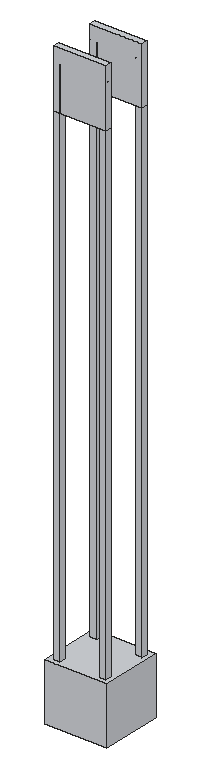
Revit family "GIS_SteelSupport", category Modelos genéricos, Revit 2027
Family settings
  Pode hospedar o vergalhão = Não
  Cota do conector redondo = Utilizar diâmetro
  Tipo de parte = Normal
  Com base no plano de trabalho = Não
  Sempre na vertical = Sim
  Corte com vazios quando carregada = Não
  Manter orientação da anotação = Não
  Compartilhado = Não
  Ponto de cálculo do ambiente = Não
Parameters (values of type "GIS_STEEL_SUPPORT_STUDY")
  Elevação padrão = 0 mm
  BIM_TensaoSecundaria_kV = 0
  BIM_TensaoNominal_kV = 0
  BIM_TensaoClasse_kV = 0
  BIM_TensaoClasseSecundaria_kV = 0
  BIM_Sistema_Elemento [instance] = ""
  BIM_ReferenciaCatalogo = "Portfolio estimate; structural design pending"
  BIM_Profundidade = 240 mm
  BIM_Potencia_MVA = 0
  BIM_Localizacao [instance] = ""
  BIM_Largura = 240 mm
  BIM_Impedancia_pu = 0
  BIM_FonteGeometria = "Portfolio estimate; structural design pending"
  BIM_Fabricante = "NAO SELECIONADO"
  BIM_EstadoGeometria = "ESTIMATED"
  BIM_EstadoEspecificacao = "PREMISSA / NAO SELECIONADO"
  BIM_DescricaoEstudo = "Suporte metalico conceitual; perfis, cargas e ancoragens pendentes."
  BIM_CorrenteReferenciaSecundaria_A = 0
  BIM_CorrenteNominal_A = 0
  BIM_Bay [instance] = ""
  BIM_AlturaCorpoPrincipal = 224 mm
  BIM_Altura = 2800 mm
Reference planes
  plane 1 "Centro (Frente/Trás)": y = 0
  plane 2: z = 0
  plane 3 "Centro (Esquerda/Direita)": x = 0
  plane 4 "BIM Left": x = -120
  plane 5 "BIM Right": x = 120
  plane 6 "BIM Front": y = -120
  plane 7 "BIM Back": y = 120
Forms (mm)
  Extrusion 1, solid
    sketch origin (0, 0, 0) x (1, 0, 0) y (0, 1, 0)
      loop
        line (-120, -120) -> (120, -120) -> (120, 120) -> (-120, 120) -> (-120, -120)
    from 0 to 224 <- "BIM_AlturaCorpoPrincipal"
  Extrusion 2, solid
    sketch origin (0, 0, 0) x (1, 0, 0) y (0, 1, 0)
      loop
        line (-100.8, -100.8) -> (-76.8, -100.8) -> (-76.8, -76.8) -> (-100.8, -76.8) -> (-100.8, -100.8)
    from 0 to 2296
  Extrusion 3, solid
    sketch origin (0, 0, 0) x (1, 0, 0) y (0, 1, 0)
      loop
        line (76.8, -100.8) -> (100.8, -100.8) -> (100.8, -76.8) -> (76.8, -76.8) -> (76.8, -100.8)
    from 0 to 2296
  Extrusion 4, solid
    sketch origin (0, 0, 0) x (1, 0, 0) y (0, 1, 0)
      loop
        line (-100.8, 76.8) -> (-76.8, 76.8) -> (-76.8, 100.8) -> (-100.8, 100.8) -> (-100.8, 76.8)
    from 0 to 2296
  Extrusion 5, solid
    sketch origin (0, 0, 0) x (1, 0, 0) y (0, 1, 0)
      loop
        line (76.8, 76.8) -> (100.8, 76.8) -> (100.8, 100.8) -> (76.8, 100.8) -> (76.8, 76.8)
    from 0 to 2296
  Extrusion 6, solid
    sketch origin (0, 0, 2128) x (1, 0, 0) y (0, 1, 0)
      loop
        line (-100.8, 76.8) -> (100.8, 76.8) -> (100.8, 100.8) -> (-100.8, 100.8) -> (-100.8, 76.8)
    from 0 to 224
  Extrusion 7, solid
    sketch origin (0, 0, 2128) x (1, 0, 0) y (0, 1, 0)
      loop
        line (-100.8, -100.8) -> (100.8, -100.8) -> (100.8, -76.8) -> (-100.8, -76.8) -> (-100.8, -100.8)
    from 0 to 224
Dimensions and locks
  "BIM_Largura": plane 4 "BIM Left" to plane 5 "BIM Right"
  "BIM_Profundidade": plane 6 "BIM Front" to plane 7 "BIM Back"
  aligned and locked: level to plane 2
  aligned and locked: plane 4 "BIM Left" to Extrusion 1
  aligned and locked: Extrusion 1 to plane 5 "BIM Right"
  aligned and locked: Extrusion 1 to plane 6 "BIM Front"
  aligned and locked: plane 7 "BIM Back" to Extrusion 1
Automatic sketch dimensions
  Extrusion 1 sketch curve to plane 4 "BIM Left" = 0 mm
  Extrusion 1 sketch curve to plane 5 "BIM Right" = 0 mm
  Extrusion 1 sketch curve to plane 6 "BIM Front" = 0 mm
  Extrusion 1 sketch curve to plane 7 "BIM Back" = 0 mm
  Extrusion 2 sketch curve to plane 4 "BIM Left" = 19.2 mm
  Extrusion 2 sketch curve to Extrusion 2 sketch curve = 24 mm  (x2)
  plane 6 "BIM Front" to Extrusion 2 sketch curve = 19.2 mm
  plane 6 "BIM Front" to Extrusion 3 sketch curve = 19.2 mm
  plane 5 "BIM Right" to Extrusion 3 sketch curve = 43.2 mm
  plane 5 "BIM Right" to Extrusion 3 sketch curve = 19.2 mm
  Extrusion 3 sketch curve to Extrusion 3 sketch curve = 24 mm
  Extrusion 4 sketch curve to plane 4 "BIM Left" = 19.2 mm
  Extrusion 4 sketch curve to Extrusion 4 sketch curve = 24 mm
  Extrusion 4 sketch curve to plane 7 "BIM Back" = 43.2 mm
  Extrusion 4 sketch curve to plane 7 "BIM Back" = 19.2 mm
  plane 5 "BIM Right" to Extrusion 5 sketch curve = 43.2 mm
  plane 5 "BIM Right" to Extrusion 5 sketch curve = 19.2 mm
  Extrusion 5 sketch curve to plane 7 "BIM Back" = 43.2 mm
  Extrusion 5 sketch curve to plane 7 "BIM Back" = 19.2 mm
  Extrusion 6 sketch curve to plane 4 "BIM Left" = 19.2 mm
  plane 5 "BIM Right" to Extrusion 6 sketch curve = 19.2 mm
  Extrusion 6 sketch curve to plane 7 "BIM Back" = 43.2 mm
  Extrusion 6 sketch curve to plane 7 "BIM Back" = 19.2 mm
  Extrusion 7 sketch curve to plane 4 "BIM Left" = 19.2 mm
  plane 5 "BIM Right" to Extrusion 7 sketch curve = 19.2 mm
  plane 6 "BIM Front" to Extrusion 7 sketch curve = 19.2 mm
  Extrusion 7 sketch curve to Extrusion 7 sketch curve = 24 mm
